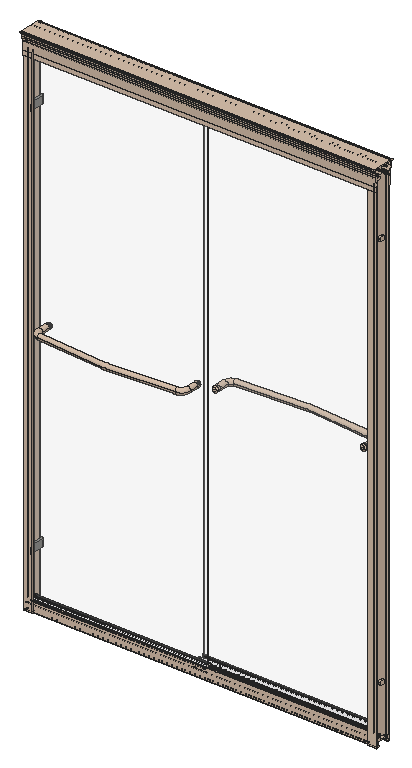
Revit family "Shower-Shower_Door-KOHLER-Fluence-K-702208_1", category Specialty Equipment, host Face, Revit 2021 (continued)
Definition of nested family "K-702208"
  Lines and regions (in)
    Masking region 2
      outline origin (13.1363, 2.44719, 48) x (0, 1, 0) y (0, 0, 1)
        loop
          arc (-1.97656, 20.73362) -> (-1.96917, 20.71938) -> (-1.95418, 20.71367) r 0.02252
          line (-1.95418, 20.71367) -> (-1.80525, 20.71367)
          arc (-1.80525, 20.71367) -> (-1.79026, 20.70747) -> (-1.78405, 20.69248) r 0.02119
          line (-1.78405, 20.69248) -> (-1.78405, 20.6503)
          arc (-1.78405, 20.6503) -> (-1.71774, 20.62759) -> (-1.64876, 20.61515) r 0.46285
          arc (-1.64876, 20.61515) -> (-1.58441, 20.62133) -> (-1.52346, 20.64286) r 0.26583
          arc (-1.52346, 20.64286) -> (-1.50881, 20.65196) -> (-1.50309, 20.66822) r 0.02597
          line (-1.50309, 20.66822) -> (-1.50309, 20.76394)
          arc (-1.50309, 20.76394) -> (-1.47502, 20.76357) -> (-1.46109, 20.7392) r 0.02829
          line (-1.46109, 20.7392) -> (-1.46109, 20.66914)
          arc (-1.46109, 20.66914) -> (-1.46799, 20.63803) -> (-1.48738, 20.61273) r 0.07368
          arc (-1.48738, 20.61273) -> (-1.66515, 20.56456) -> (-1.83501, 20.63578) r 0.28353
          arc (-1.83501, 20.63578) -> (-1.85018, 20.64533) -> (-1.86779, 20.64867) r 0.04811
          line (-1.86779, 20.64867) -> (-1.94477, 20.64867)
          arc (-1.94477, 20.64867) -> (-1.95979, 20.64213) -> (-1.96523, 20.62666) r 0.02051
          arc (-1.96523, 20.62666) -> (-1.93922, 20.15299) -> (-1.93055, 19.67867) r 12.97575
          line (-1.93055, 19.67867) -> (-1.93055, 20.56193) -> (-1.39274, 20.56193) -> (-1.39274, 20.81925) -> (-1.40673, 20.79179) -> (-1.51678, 20.79179) -> (-1.51678, 20.66546) -> (-1.54686, 20.63538) -> (-1.73673, 20.63538) -> (-1.76678, 20.66543) -> (-1.76678, 21.35643) -> (-1.73679, 21.38643) -> (-1.54664, 21.38643) -> (-1.51678, 21.35657) -> (-1.51678, 21.23022) -> (-1.40673, 21.23022) -> (-1.39274, 21.20277) -> (-1.39274, 21.25593)
          arc (-1.39274, 21.25593) -> (-1.35274, 21.29593) -> (-1.31274, 21.25593) r 0.04
          line (-1.31274, 21.25593) -> (-1.31274, 20.56193) -> (-0.4514, 20.56193) -> (-0.4514, 21.25593)
          arc (-0.4514, 21.25593) -> (-0.4114, 21.29593) -> (-0.3714, 21.25593) r 0.04
          line (-0.3714, 21.25593) -> (-0.3714, 21.20277) -> (-0.35741, 21.23022) -> (-0.2464, 21.23022) -> (-0.2464, 21.35753) -> (-0.2175, 21.38643) -> (-0.0264, 21.38643) -> (0.0036, 21.35643) -> (0.0036, 20.66537) -> (-0.02639, 20.63538) -> (-0.21632, 20.63538) -> (-0.2464, 20.66546) -> (-0.2464, 20.79179) -> (-0.35741, 20.79179) -> (-0.3714, 20.81925) -> (-0.3714, 20.56193) -> (0.16641, 20.56193) -> (0.16641, 19.67867)
          arc (0.16641, 19.67867) -> (0.17508, 20.15299) -> (0.20108, 20.62666) r 12.97575
          arc (0.20108, 20.62666) -> (0.19565, 20.64213) -> (0.18062, 20.64867) r 0.02051
          line (0.18062, 20.64867) -> (0.10365, 20.64867)
          arc (0.10365, 20.64867) -> (0.08603, 20.64533) -> (0.07087, 20.63578) r 0.04811
          arc (0.07087, 20.63578) -> (-0.09441, 20.5649) -> (-0.26907, 20.6077) r 0.28353
          arc (-0.26907, 20.6077) -> (-0.29331, 20.63427) -> (-0.30209, 20.66914) r 0.07368
          line (-0.30209, 20.66914) -> (-0.30209, 20.7392)
          arc (-0.30209, 20.7392) -> (-0.28816, 20.76357) -> (-0.26009, 20.76394) r 0.02829
          line (-0.26009, 20.76394) -> (-0.26009, 20.66822)
          arc (-0.26009, 20.66822) -> (-0.25542, 20.65335) -> (-0.24308, 20.64384) r 0.02597
          arc (-0.24308, 20.64384) -> (-0.18105, 20.62409) -> (-0.11658, 20.61503) r 0.38663
          arc (-0.11658, 20.61503) -> (-0.04699, 20.62744) -> (0.01991, 20.6503) r 0.46285
          line (0.01991, 20.6503) -> (0.01991, 20.69248)
          arc (0.01991, 20.69248) -> (0.02611, 20.70747) -> (0.0411, 20.71367) r 0.02119
          line (0.0411, 20.71367) -> (0.19004, 20.71367)
          arc (0.19004, 20.71367) -> (0.20503, 20.71938) -> (0.21241, 20.73362) r 0.02252
          arc (0.21241, 20.73362) -> (0.26778, 21.10371) -> (0.34801, 21.46922) r 5.54
          arc (0.34801, 21.46922) -> (0.43058, 21.69575) -> (0.5564, 21.90143) r 1.211
        loop
          arc (-1.39637, -47.07406) -> (-1.40172, -47.08811) -> (-1.41555, -47.094) r 0.01919
          line (-1.41555, -47.094) -> (-1.4718, -47.094)
          arc (-1.4718, -47.094) -> (-1.48579, -47.0998) -> (-1.49159, -47.1138) r 0.0198
          line (-1.49159, -47.1138) -> (-1.49159, -47.23049) -> (-1.44467, -47.23049)
          arc (-1.44467, -47.23049) -> (-1.46122, -47.2238) -> (-1.46771, -47.20717) r 0.02254
          line (-1.46771, -47.20717) -> (-1.46431, -47.1098) -> (-1.432, -47.1098)
          arc (-1.432, -47.1098) -> (-1.41711, -47.11328) -> (-1.40529, -47.12299) r 0.03363
          arc (-1.40529, -47.12299) -> (-1.38613, -47.14138) -> (-1.36233, -47.15317) r 0.08743
          line (-1.36233, -47.15317) -> (-1.37943, -46.66399) -> (-1.41242, -46.66399) -> (-1.39637, -47.07406)
        loop
          line (-1.52671, -46.36082) -> (-1.6673, -46.34834) -> (-1.68477, -46.37612) -> (-1.52849, -46.39274) -> (-1.52671, -46.36082)
        loop
          line (0.09641, -47.435) -> (0.11641, -47.46964) -> (0.11641, -47.40036) -> (0.09641, -47.435)
    Masking region 3
      outline origin (0, 0.23733, 34.85501) x (-1, 0, 0) y (0, -1, 0)
        loop
          line (30.532, 0.23733) -> (28.17469, 0.23733) -> (28.17469, 0.41203)
          arc (28.17469, 0.41203) -> (27.86815, 1.23135) -> (27.09911, 1.64825) r 1.24821
          arc (27.09911, 1.64825) -> (17.79081, 2.29361) -> (8.48292, 1.64251) r 67.15317
          arc (8.48292, 1.64251) -> (7.72627, 1.23188) -> (7.42472, 0.42552) r 1.22891
          line (7.42472, 0.42552) -> (7.42472, 0.23733) -> (-14.0743, 0.23733) -> (-14.0743, -2.89667) -> (-11.72934, -2.89667) -> (-11.72934, -3.07958)
          arc (-11.72934, -3.07958) -> (-11.41976, -3.90404) -> (-10.64406, -4.321) r 1.25265
          arc (-10.64406, -4.321) -> (-1.35282, -4.94372) -> (7.9382, -4.31776) r 69.44572
          arc (7.9382, -4.31776) -> (8.71157, -3.9018) -> (9.02018, -3.07967) r 1.24935
          line (9.02018, -3.07967) -> (9.02018, -2.89667) -> (30.532, -2.89667) -> (30.532, 0.23733)
        loop
          line (8.27009, -2.89667) -> (-10.98115, -2.89667) -> (-10.98115, -3.08658)
          arc (-10.98115, -3.08658) -> (-10.8661, -3.39424) -> (-10.57741, -3.55091) r 0.46888
          arc (-10.57741, -3.55091) -> (-1.35986, -4.19391) -> (7.85759, -3.5495) r 66.31708
          arc (7.85759, -3.5495) -> (8.15255, -3.38938) -> (8.27009, -3.07502) r 0.47914
          line (8.27009, -3.07502) -> (8.27009, -2.89667)
        loop
          line (8.17469, 0.23733) -> (27.42472, 0.23733) -> (27.42472, 0.4276)
          arc (27.42472, 0.4276) -> (27.30767, 0.74014) -> (27.01411, 0.8989) r 0.47578
          arc (27.01411, 0.8989) -> (17.80488, 1.53407) -> (8.59525, 0.90475) r 67.39005
          arc (8.59525, 0.90475) -> (8.29459, 0.74234) -> (8.17469, 0.42235) r 0.48695
          line (8.17469, 0.42235) -> (8.17469, 0.23733)
    Masking region 4
      outline origin (0, 0, 0) x (1, 0, 0) y (0, 0, 1)
        loop
          line (-6.0661, 1.92526) -> (-6.0661, 67.03867) -> (-30.532, 67.03867) -> (-30.532, 0) -> (-29.32911, 0) -> (-29.32911, 1.92526) -> (-6.0661, 1.92526)
    symbolic lines, detail levels medium+fine
      curve 1: line (20.1048, 0.56672, 0) -> (20.1048, 0.56672, 68.56193)
      curve 2: line (20.1048, 0.5327, 68.56193) -> (20.1048, 0.5327, 0)
      curve 3: line (20.1048, 0.5247, 68.56193) -> (20.1048, 0.5247, 0)
      curve 4: line (20.1048, 0.57472, 68.56193) -> (20.1048, 0.57472, 0)
      curve 5: line (20.1048, 2.48253, 0.71783) -> (20.1048, 1.00253, 0.76951)
      curve 6: line (20.1048, 2.4825, 0.7488) -> (20.1048, 1.14254, 0.79507)
      curve 7: arc (20.1048, 2.56175, 0.64896) -> (20.1048, 2.54518, 0.71718) -> (20.1048, 2.4825, 0.7488) r 0.08372
      curve 8: arc (20.1048, 2.56302, 0.63448) -> (20.1048, 2.53961, 0.69242) -> (20.1048, 2.48253, 0.71783) r 0.0834
      curve 9: line (20.1048, 0.982, 0.86506) -> (20.1048, 1.00716, 0.86506)
      curve 10: arc (20.1048, 1.00716, 0.86506) -> (20.1048, 1.0217, 0.86307) -> (20.1048, 1.03517, 0.85725) r 0.0541
      curve 11: line (20.1048, 1.06777, 1.33601) -> (20.1048, 1.05948, 1.57316)
      curve 12: line (20.1048, 1.03477, 1.33601) -> (20.1048, 1.02666, 1.5433)
      curve 13: line (20.1048, 0.97216, 1.60158) -> (20.1048, 0.9187, 1.60726)
      curve 14: arc (20.1048, 1.02666, 1.5433) -> (20.1048, 1.01026, 1.58259) -> (20.1048, 0.97216, 1.60158) r 0.061
      curve 15: arc (20.1048, 1.14254, 0.79507) -> (20.1048, 1.1043, 0.81047) -> (20.1048, 1.08486, 0.84683) r 0.06038
      curve 16: arc (20.1048, 1.03517, 0.85725) -> (20.1048, 1.05913, 0.84781) -> (20.1048, 1.08486, 0.84683) r 0.07667
      curve 17: line (20.1048, 1.00394, 1.63176) -> (20.1048, 0.92048, 1.63918)
      curve 18: line (20.1048, 0.77989, 1.65166) -> (20.1048, 0.72429, 1.65696)
      curve 19: line (20.1048, 0.76243, 1.62388) -> (20.1048, 0.70715, 1.62969)
      curve 20: arc (20.1048, 1.05948, 1.57316) -> (20.1048, 1.0428, 1.61297) -> (20.1048, 1.00394, 1.63176) r 0.06097
      curve 21: line (20.1048, 0.97031, 1.63475) -> (20.1048, 0.9686, 1.60195)
      curve 22: line (20.1048, 0.97641, 1.63421) -> (20.1048, 0.97641, 1.60097)
      curve 23: line (20.1048, 0.97641, 1.42237) -> (20.1048, 0.97641, 1.54893)
      curve 24: arc (20.1048, 0.98666, 1.41455) -> (20.1048, 0.9796, 1.41593) -> (20.1048, 0.97641, 1.42237) r 0.00811
      curve 25: arc (20.1048, 1.03247, 1.39494) -> (20.1048, 1.04897, 1.39026) -> (20.1048, 1.06596, 1.38782) r 0.12854
      curve 26: line (20.1048, 0.73576, 1.58146) -> (20.1048, 0.69494, 1.5858)
      curve 27: line (20.1048, 0.6746, 1.56751) -> (20.1048, 0.6746, 1.48969)
      curve 28: line (20.1048, 0.6296, 1.50495) -> (20.1048, 0.6296, 1.41568)
      curve 29: arc (20.1048, 0.69494, 1.5858) -> (20.1048, 0.68069, 1.58119) -> (20.1048, 0.6746, 1.56751) r 0.01839
      curve 30: arc (20.1048, 0.59121, 1.44543) -> (20.1048, 0.58974, 1.43659) -> (20.1048, 0.59121, 1.42775) r 0.02721
      curve 31: line (20.1048, 0.95641, 1.38601) -> (20.1048, 0.96597, 1.55698)
      curve 32: line (20.1048, 0.98778, 1.38601) -> (20.1048, 0.95641, 1.38601)
      curve 33: line (20.1048, 0.98115, 1.55537) -> (20.1048, 0.98974, 1.33601)
      curve 34: line (20.1048, 0.91618, 1.56227) -> (20.1048, 0.98115, 1.55537)
      curve 35: arc (20.1048, 0.96597, 1.55698) -> (20.1048, 0.97868, 1.54559) -> (20.1048, 0.98219, 1.52888) r 0.02743
      curve 36: line (20.1048, 1.03282, 1.38601) -> (20.1048, 1.06602, 1.38601)
      curve 37: line (20.1048, 1.06145, 0.78904) -> (20.1048, 1.64435, 0.76868)
      curve 38: arc (20.1048, 1.00382, 0.8065) -> (20.1048, 1.0315, 0.79401) -> (20.1048, 1.06145, 0.78904) r 0.11746
      curve 39: line (20.1048, 1.00382, 0.8065) -> (20.1048, 1.00382, 0.86506)
      curve 40: line (20.1048, 2.6056, 68.56193) -> (20.1048, 2.6056, 0)
      curve 41: line (20.1048, 2.5716, 68.56193) -> (20.1048, 2.5716, 0)
      curve 42: line (20.1048, 2.5636, 0) -> (20.1048, 2.5636, 0.53036)
      curve 43: line (20.1048, 2.6136, 0.14503) -> (20.1048, 2.6136, 1.60672)
      curve 44: line (20.1048, 2.5636, 0.59964) -> (20.1048, 2.5636, 68.56193)
      curve 45: line (20.1048, 2.5496, 68.56193) -> (20.1048, 2.5496, 0.71107)
      curve 46: arc (20.1048, 4.02527, 35.23003) -> (20.1048, 4.40029, 34.85501) -> (20.1048, 4.02527, 34.47999) r 0.37502
      curve 47: line (20.1048, 3.0406, 35.23003) -> (20.1048, 3.0406, 34.47999)
      curve 48: arc (20.1048, -0.89503, 35.23003) -> (20.1048, -1.27006, 34.85501) -> (20.1048, -0.89503, 34.47999) r 0.37502
      curve 49: line (20.1048, 0.08964, 35.23003) -> (20.1048, 0.08964, 34.47999)
      curve 50: arc (20.1048, 2.5476, 0) -> (20.1048, 2.55891, 0.00469) -> (20.1048, 2.5636, 0.016) r 0.016
      curve 51: line (20.1048, 1.68539, 7.67378) -> (20.1048, 1.46281, 7.67378)
      curve 52: arc (20.1048, 1.46281, 7.67378) -> (20.1048, 1.41862, 7.65548) -> (20.1048, 1.40032, 7.61129) r 0.06249
      curve 53: line (20.1048, 1.40032, 7.61129) -> (20.1048, 1.40032, 7.38871)
      curve 54: arc (20.1048, 1.40032, 7.38871) -> (20.1048, 1.41862, 7.34452) -> (20.1048, 1.46281, 7.32622) r 0.06249
      curve 55: line (20.1048, 1.46281, 7.32622) -> (20.1048, 1.68539, 7.32622)
      curve 56: arc (20.1048, 1.68539, 7.32622) -> (20.1048, 1.72958, 7.34452) -> (20.1048, 1.74788, 7.38871) r 0.06249
      curve 57: line (20.1048, 1.74788, 7.38871) -> (20.1048, 1.74788, 7.61129)
      curve 58: arc (20.1048, 1.74788, 7.61129) -> (20.1048, 1.72958, 7.65548) -> (20.1048, 1.68539, 7.67378) r 0.06249
      curve 59: line (20.1048, 1.69285, 7.74375) -> (20.1048, 1.45535, 7.74375)
      curve 60: arc (20.1048, 1.45535, 7.74375) -> (20.1048, 1.36696, 7.70714) -> (20.1048, 1.33035, 7.61875) r 0.125
      curve 61: line (20.1048, 1.33035, 7.61875) -> (20.1048, 1.33035, 7.38125)
      curve 62: arc (20.1048, 1.33035, 7.38125) -> (20.1048, 1.36696, 7.29286) -> (20.1048, 1.45535, 7.25625) r 0.125
      curve 63: line (20.1048, 1.45535, 7.25625) -> (20.1048, 1.69285, 7.25625)
      curve 64: arc (20.1048, 1.69285, 7.25625) -> (20.1048, 1.78124, 7.29286) -> (20.1048, 1.81785, 7.38125) r 0.125
      curve 65: line (20.1048, 1.81785, 7.38125) -> (20.1048, 1.81785, 7.61875)
      curve 66: arc (20.1048, 1.81785, 7.61875) -> (20.1048, 1.78124, 7.70714) -> (20.1048, 1.69285, 7.74375) r 0.125
      curve 67: line (20.1048, 1.69285, 7.73588) -> (20.1048, 1.45535, 7.73588)
      curve 68: arc (20.1048, 1.45535, 7.73588) -> (20.1048, 1.37253, 7.70157) -> (20.1048, 1.33822, 7.61875) r 0.11713
      curve 69: line (20.1048, 1.33822, 7.61875) -> (20.1048, 1.33822, 7.38125)
      curve 70: arc (20.1048, 1.33822, 7.38125) -> (20.1048, 1.37253, 7.29843) -> (20.1048, 1.45535, 7.26412) r 0.11713
      curve 71: line (20.1048, 1.45535, 7.26412) -> (20.1048, 1.69285, 7.26412)
      curve 72: arc (20.1048, 1.69285, 7.26412) -> (20.1048, 1.77567, 7.29843) -> (20.1048, 1.80997, 7.38125) r 0.11713
      curve 73: line (20.1048, 1.80997, 7.38125) -> (20.1048, 1.80997, 7.61875)
      curve 74: arc (20.1048, 1.80997, 7.61875) -> (20.1048, 1.77567, 7.70157) -> (20.1048, 1.69285, 7.73588) r 0.11713
      curve 75: line (20.1048, 2.68115, 7.3125) -> (20.1048, 2.68115, 7.6875)
      curve 76: arc (20.1048, 2.67509, 7.2568) -> (20.1048, 2.67963, 7.28449) -> (20.1048, 2.68115, 7.3125) r 0.25877
      curve 77: arc (20.1048, 2.67509, 7.2568) -> (20.1048, 2.64285, 7.23237) -> (20.1048, 2.6136, 7.26031) r 0.03119
      curve 78: arc (20.1048, 2.68115, 7.6875) -> (20.1048, 2.67967, 7.71473) -> (20.1048, 2.67525, 7.74164) r 0.25128
      curve 79: arc (20.1048, 2.67525, 7.74164) -> (20.1048, 2.64591, 7.7668) -> (20.1048, 2.6136, 7.74558) r 0.03215
      curve 80: line (20.1048, 2.67043, 7.75282) -> (20.1048, 2.67043, 7.87253)
      curve 81: arc (20.1048, 2.67043, 7.87253) -> (20.1048, 2.66962, 7.89711) -> (20.1048, 2.66721, 7.92159) r 0.3763
      curve 82: arc (20.1048, 2.6136, 7.9674) -> (20.1048, 2.64369, 7.94834) -> (20.1048, 2.66721, 7.92159) r 0.12537
      curve 83: line (20.1048, 2.6136, 7.97377) -> (20.1048, 2.6136, 7.0272)
      curve 84: arc (20.1048, 2.66721, 7.92159) -> (20.1048, 2.63573, 7.93184) -> (20.1048, 2.6136, 7.90723) r 0.03036
      curve 85: arc (20.1048, 2.68115, 7.3125) -> (20.1048, 2.67967, 7.28527) -> (20.1048, 2.67525, 7.25836) r 0.25128
      curve 86: arc (20.1048, 2.67525, 7.25836) -> (20.1048, 2.64591, 7.2332) -> (20.1048, 2.6136, 7.25442) r 0.03215
      curve 87: line (20.1048, 2.67043, 7.24718) -> (20.1048, 2.67043, 7.12747)
      curve 88: arc (20.1048, 2.67043, 7.12747) -> (20.1048, 2.66962, 7.10289) -> (20.1048, 2.66721, 7.07841) r 0.3763
      curve 89: arc (20.1048, 2.6136, 7.0326) -> (20.1048, 2.64369, 7.05166) -> (20.1048, 2.66721, 7.07841) r 0.12537
      curve 90: arc (20.1048, 2.66721, 7.07841) -> (20.1048, 2.63573, 7.06816) -> (20.1048, 2.6136, 7.09277) r 0.03036
      curve 91: line (20.1048, 2.68115, 60.87485) -> (20.1048, 2.68115, 61.24985)
      curve 92: arc (20.1048, 2.67509, 60.81915) -> (20.1048, 2.67963, 60.84684) -> (20.1048, 2.68115, 60.87485) r 0.25877
      curve 93: arc (20.1048, 2.67509, 60.81915) -> (20.1048, 2.64285, 60.79473) -> (20.1048, 2.6136, 60.82266) r 0.03119
      curve 94: arc (20.1048, 2.68115, 61.24985) -> (20.1048, 2.67967, 61.27708) -> (20.1048, 2.67525, 61.30399) r 0.25128
      curve 95: arc (20.1048, 2.67525, 61.30399) -> (20.1048, 2.64591, 61.32915) -> (20.1048, 2.6136, 61.30793) r 0.03215
      curve 96: line (20.1048, 2.67043, 61.31517) -> (20.1048, 2.67043, 61.43488)
      curve 97: arc (20.1048, 2.67043, 61.43488) -> (20.1048, 2.66962, 61.45946) -> (20.1048, 2.66721, 61.48395) r 0.3763
      curve 98: arc (20.1048, 2.6136, 61.52975) -> (20.1048, 2.64369, 61.51069) -> (20.1048, 2.66721, 61.48395) r 0.12537
      curve 99: line (20.1048, 2.6136, 61.53372) -> (20.1048, 2.6136, 60.589)
      curve 100: arc (20.1048, 2.66721, 61.48395) -> (20.1048, 2.63573, 61.49419) -> (20.1048, 2.6136, 61.46958) r 0.03036
      curve 101: arc (20.1048, 2.68115, 60.87485) -> (20.1048, 2.67967, 60.84762) -> (20.1048, 2.67525, 60.82071) r 0.25128
      curve 102: arc (20.1048, 2.67525, 60.82071) -> (20.1048, 2.64591, 60.79556) -> (20.1048, 2.6136, 60.81678) r 0.03215
      curve 103: line (20.1048, 2.67043, 60.80954) -> (20.1048, 2.67043, 60.68983)
      curve 104: arc (20.1048, 2.67043, 60.68983) -> (20.1048, 2.66962, 60.66524) -> (20.1048, 2.66721, 60.64076) r 0.3763
      curve 105: arc (20.1048, 2.6136, 60.59496) -> (20.1048, 2.64369, 60.61401) -> (20.1048, 2.66721, 60.64076) r 0.12537
      curve 106: arc (20.1048, 2.66721, 60.64076) -> (20.1048, 2.63573, 60.63051) -> (20.1048, 2.6136, 60.65513) r 0.03036
      curve 107: line (20.1048, 1.68539, 61.23571) -> (20.1048, 1.46281, 61.23571)
      curve 108: arc (20.1048, 1.46281, 61.23571) -> (20.1048, 1.41862, 61.2174) -> (20.1048, 1.40032, 61.17322) r 0.06249
      curve 109: line (20.1048, 1.40032, 61.17322) -> (20.1048, 1.40032, 60.95063)
      curve 110: arc (20.1048, 1.40032, 60.95063) -> (20.1048, 1.41862, 60.90645) -> (20.1048, 1.46281, 60.88815) r 0.06249
      curve 111: line (20.1048, 1.46281, 60.88815) -> (20.1048, 1.68539, 60.88815)
      curve 112: arc (20.1048, 1.68539, 60.88815) -> (20.1048, 1.72958, 60.90645) -> (20.1048, 1.74788, 60.95063) r 0.06249
      curve 113: line (20.1048, 1.74788, 60.95063) -> (20.1048, 1.74788, 61.17322)
      curve 114: arc (20.1048, 1.74788, 61.17322) -> (20.1048, 1.72958, 61.2174) -> (20.1048, 1.68539, 61.23571) r 0.06249
      curve 115: line (20.1048, 1.69285, 61.30568) -> (20.1048, 1.45535, 61.30568)
      curve 116: arc (20.1048, 1.45535, 61.30568) -> (20.1048, 1.36696, 61.26906) -> (20.1048, 1.33035, 61.18068) r 0.125
      curve 117: line (20.1048, 1.33035, 61.18068) -> (20.1048, 1.33035, 60.94318)
      curve 118: arc (20.1048, 1.33035, 60.94318) -> (20.1048, 1.36696, 60.85479) -> (20.1048, 1.45535, 60.81818) r 0.125
      curve 119: line (20.1048, 1.45535, 60.81818) -> (20.1048, 1.69285, 60.81818)
      curve 120: arc (20.1048, 1.69285, 60.81818) -> (20.1048, 1.78124, 60.85479) -> (20.1048, 1.81785, 60.94318) r 0.125
      curve 121: line (20.1048, 1.81785, 60.94318) -> (20.1048, 1.81785, 61.18068)
      curve 122: arc (20.1048, 1.81785, 61.18068) -> (20.1048, 1.78124, 61.26906) -> (20.1048, 1.69285, 61.30568) r 0.125
      curve 123: line (20.1048, 1.69285, 61.2978) -> (20.1048, 1.45535, 61.2978)
      curve 124: arc (20.1048, 1.45535, 61.2978) -> (20.1048, 1.37253, 61.2635) -> (20.1048, 1.33822, 61.18068) r 0.11713
      curve 125: line (20.1048, 1.33822, 61.18068) -> (20.1048, 1.33822, 60.94318)
      curve 126: arc (20.1048, 1.33822, 60.94318) -> (20.1048, 1.37253, 60.86036) -> (20.1048, 1.45535, 60.82605) r 0.11713
      curve 127: line (20.1048, 1.45535, 60.82605) -> (20.1048, 1.69285, 60.82605)
      curve 128: arc (20.1048, 1.69285, 60.82605) -> (20.1048, 1.77567, 60.86036) -> (20.1048, 1.80997, 60.94318) r 0.11713
      curve 129: line (20.1048, 1.80997, 60.94318) -> (20.1048, 1.80997, 61.18068)
      curve 130: arc (20.1048, 1.80997, 61.18068) -> (20.1048, 1.77567, 61.2635) -> (20.1048, 1.69285, 61.2978) r 0.11713
      curve 131: arc (20.1048, 2.65288, 1.52525) -> (20.1048, 2.64228, 1.55963) -> (20.1048, 2.6136, 1.58135) r 0.05862
      curve 132: arc (20.1048, 1.64435, 0.76868) -> (20.1048, 1.66747, 0.77017) -> (20.1048, 1.68984, 0.77617) r 0.11719
      curve 133: line (20.1048, 1.9853, 0.75678) -> (20.1048, 2.46298, 0.7401)
      curve 134: arc (20.1048, 1.94075, 0.76751) -> (20.1048, 1.96248, 0.75989) -> (20.1048, 1.9853, 0.75678) r 0.11452
      curve 135: arc (20.1048, 2.46298, 0.7401) -> (20.1048, 2.48363, 0.74103) -> (20.1048, 2.50386, 0.74526) r 0.12887
      curve 136: line (20.1048, 2.6136, 67.67867) -> (20.1048, 2.6136, 67.03867)
      curve 137: line (20.1048, 2.4208, 68.63538) -> (20.1048, 2.42079, 69.38643)
      curve 138: line (20.1048, 2.20079, 69.23022) -> (20.1048, 2.20079, 68.79179)
      curve 139: line (20.1048, 2.22989, 69.38663) -> (20.1048, 2.23087, 68.63538)
      curve 140: line (20.1048, 2.07579, 69.20277) -> (20.1048, 2.07579, 68.81925)
      curve 141: line (20.1048, 2.08978, 69.23022) -> (20.1048, 2.08978, 68.79179)
      curve 142: line (20.1048, 0.71046, 68.63538) -> (20.1048, 0.71041, 69.38643)
      curve 143: line (20.1048, 0.93041, 69.23022) -> (20.1048, 0.93041, 68.79179)
      curve 144: line (20.1048, 0.90055, 69.38643) -> (20.1048, 0.90033, 68.63538)
      curve 145: line (20.1048, 1.05445, 69.20277) -> (20.1048, 1.05445, 68.81925)
      curve 146: line (20.1048, 1.04046, 69.23022) -> (20.1048, 1.04046, 68.79179)
      curve 147: line (20.1048, 1.13445, 68.56193) -> (20.1048, 1.05445, 68.56193)
      curve 148: line (20.1048, 2.07579, 68.56193) -> (20.1048, 1.99579, 68.56193)
      curve 149: line (20.1048, 0.51664, 67.67867) -> (20.1048, 0.51664, 67.03867)
      curve 150: line (20.1048, 0.51664, 35.23003) -> (20.1048, 0.51668, 34.47999)
      curve 151: line (20.1048, 2.6136, 35.23003) -> (20.1048, 2.6136, 34.47999)
      curve 152: line (-6.0661, 0, 67.03867) -> (14.0743, 0, 67.03867)
      curve 153: line (12.87091, 0, 67.03867) -> (12.87091, 0, 0)
      curve 154: line (12.87091, 0, 1.63095) -> (-29.33887, 0, 1.63095)
      curve 155: line (12.87091, 0, 1.92526) -> (-6.0661, 0, 1.92526)
      curve 156: line (-5.9872, 0, 1.33601) -> (-5.9872, 0, 1.92526)
      curve 157: line (-29.32911, 0, 1.92526) -> (-29.32911, 0, 67.03867)
      curve 158: line (-6.10303, 0, 1.92526) -> (-6.10303, 0, 67.03867)
      curve 159: circle (-8.6452, 0, 34.85501) r 0.37503 normal (0, -1, 0)
      curve 160: circle (11.35497, 0, 34.85501) r 0.37506 normal (0, -1, 0)
      curve 161: line (-7.7997, 0, 35.23003) -> (-27.79988, 0, 35.23003)
      curve 162: line (-27.7997, 0, 34.47999) -> (-7.79633, 0, 34.47999)
      curve 163: arc (-7.79633, 0, 34.47999) -> (-7.42468, 0, 34.85669) -> (-7.7997, 0, 35.23003) r 0.37503
      curve 164: arc (-27.79988, 0, 35.23003) -> (-28.1749, 0, 34.85493) -> (-27.7997, 0, 34.47999) r 0.37502
      curve 165: line (-5.98869, 3.134, 34.85501) -> (-8.27009, 3.134, 34.85501)
      curve 166: line (-8.17469, 0, 34.85501) -> (-7.42472, 0, 34.85501)
      curve 167: line (10.98115, 3.134, 34.85501) -> (11.72934, 3.134, 34.85501)
      curve 168: line (-28.17469, 0, 34.85501) -> (-27.42472, 0, 34.85501)
      curve 169: line (-30.532, 3.08477, 34.85501) -> (14.0743, 3.08477, 34.85501)
      curve 170: line (14.0743, 0.04923, 34.85501) -> (-30.532, 0.04923, 34.85501)
      curve 171: line (-5.9872, 0, 1.33601) -> (-29.32911, 0, 1.33601)
  Dimensions and locks (in)
    locked: plane 5 to plane 3 "Center (Left/Right)" at 30.532
    locked: Extrusion 12 sketch curve to plane 8 at 0.06252
    "Width": plane 4 to plane 5
    locked: Extrusion 19 sketch curve to plane 4 at 0.99017
    locked: plane 10 to plane 4 at 0.4825
    plane 12 to level = 70.02944"
    plane 17 to plane 11 = 65.40772"
    locked: plane 21 "WALK THRU PLANE" to plane 5 at 24.4659
    "Walk Thru": plane 22 "WTP1" to plane 21 "WALK THRU PLANE"
    locked: plane 8 to plane 4 at 0.907
    locked: plane 18 "MH1" to plane 4 at 2.71933
    locked: plane 20 "MHC" to plane 18 "MH1" at 10.00009
    locked: plane 19 "MH2" to plane 20 "MHC" at 10.00009
    plane 23 "FH2" to plane 25 to plane 24 "FH1" = 10" locked, 10" locked
    plane 4 to plane 22 "WTP1" = 1.20339"
    locked: Masking region 3 sketch curve to plane 20 "MHC" at 10.37507
    plane 7 to plane 26 = 7.23733"
    locked: plane 27 to Extrusion 12 sketch curve at 0.06185
    locked: plane 19 "MH2" to plane 28 at 1.25017
    locked: plane 27 to plane 19 "MH2" at 1.8125
    plane 16 to level = 34.47999"
    plane 15 to plane 16 = 0.75004"
    aligned and locked: plane 2 to level
    aligned and locked: plane 4 to Extrusion 4
    aligned and locked: Extrusion 10 to plane 8
    aligned and locked: plane 4 to Extrusion 1
    aligned and locked: plane 4 to Extrusion 14
    aligned and locked: plane 4 to Extrusion 2
    aligned and locked: Extrusion 15 to plane 5
    aligned and locked: Extrusion 21 to plane 10
    aligned and locked: Extrusion 22 to plane 10
    aligned and locked: plane 4 to Extrusion 26
    aligned and locked: Extrusion 26 to plane 5
    aligned and locked: Revolve 28 sketch curve to plane 18 "MH1"
    aligned and locked: Extrusion 2 to plane 22 "WTP1"
    aligned and locked: plane 4 to Masking region 3 sketch curve
    aligned and locked: Extrusion 10 to plane 27
  Automatic sketch dimensions
    Extrusion 1 sketch curve to level = 0"  (x2)
    Extrusion 1 sketch curve to level = 0.05241"
    Extrusion 1 sketch curve to plane 1 "Center (Front/Back)" = 0.5891"
    level to Extrusion 1 sketch curve = 0.01987"
    Extrusion 1 sketch curve to Extrusion 1 sketch curve = 0.0419"
    Extrusion 1 sketch curve to Extrusion 1 sketch curve = 0.06566"
    Extrusion 1 sketch curve to Extrusion 1 sketch curve = 0.01104"
    Extrusion 1 sketch curve to Extrusion 1 sketch curve = 0.045"  (x2)
    Extrusion 1 sketch curve to Extrusion 1 sketch curve = 0.01427"
    Extrusion 1 sketch curve to Extrusion 1 sketch curve = 0.04235"
    plane 11 to Extrusion 1 sketch curve = 0.00008"
    Extrusion 1 sketch curve to Extrusion 1 sketch curve = 0.00627"
    level to Extrusion 1 sketch curve = 0.016"
    Extrusion 1 sketch curve to Extrusion 1 sketch curve = 0.04649"  (x2)
    Extrusion 1 sketch curve to Extrusion 1 sketch curve = 0.02382"
    Extrusion 1 sketch curve to Extrusion 1 sketch curve = 0.01088"
    Extrusion 1 sketch curve to plane 11 = 0.04595"
    Extrusion 1 sketch curve to Extrusion 1 sketch curve = 0.01354"
    Extrusion 1 sketch curve to Extrusion 1 sketch curve = 0.15351"
    Extrusion 1 sketch curve to Extrusion 1 sketch curve = 0.00457"
    Extrusion 1 sketch curve to Extrusion 1 sketch curve = 0.0068"
    Extrusion 1 sketch curve to Extrusion 1 sketch curve = 0.03381"
    Extrusion 1 sketch curve to Extrusion 1 sketch curve = 0.00139"
    Extrusion 1 sketch curve to Extrusion 1 sketch curve = 0.0459"
    Extrusion 1 sketch curve to plane 6 = 0.65452"
    Extrusion 1 sketch curve to Extrusion 1 sketch curve = 0.05523"
    Extrusion 1 sketch curve to plane 11 = 0.09866"
    Extrusion 1 sketch curve to Extrusion 1 sketch curve = 0.25673"
    Extrusion 1 sketch curve to plane 11 = 0.07325"
    Extrusion 1 sketch curve to Extrusion 1 sketch curve = 0.0027"
    Extrusion 1 sketch curve to Extrusion 1 sketch curve = 0.05555"
    Extrusion 1 sketch curve to Extrusion 1 sketch curve = 0.01033"
    Extrusion 1 sketch curve to Extrusion 1 sketch curve = 0.01299"
    Extrusion 1 sketch curve to plane 11 = 0.02948"
    Extrusion 1 sketch curve to Extrusion 1 sketch curve = 0.01396"
    Extrusion 1 sketch curve to Extrusion 1 sketch curve = 0.01884"
    Extrusion 1 sketch curve to Extrusion 1 sketch curve = 0.00676"
    Extrusion 1 sketch curve to Extrusion 1 sketch curve = 0.02053"
    Extrusion 1 sketch curve to Extrusion 1 sketch curve = 0.00062"
    Extrusion 1 sketch curve to Extrusion 1 sketch curve = 0.00012"
    Extrusion 1 sketch curve to Extrusion 1 sketch curve = 0.00281"
    Extrusion 1 sketch curve to plane 11 = 25/256"
    Extrusion 1 sketch curve to Extrusion 1 sketch curve = 0.02563"
    Extrusion 1 sketch curve to plane 11 = 0.08665"
    Extrusion 1 sketch curve to Extrusion 1 sketch curve = 0.0446"
    Extrusion 1 sketch curve to Extrusion 1 sketch curve = 0.02768"
    Extrusion 1 sketch curve to Extrusion 1 sketch curve = 0.01933"
    plane 6 to Extrusion 1 sketch curve = 0.72591"
    Extrusion 1 sketch curve to Extrusion 1 sketch curve = 0.0009"
    Extrusion 1 sketch curve to Extrusion 1 sketch curve = 0.04312"
    Extrusion 1 sketch curve to Extrusion 1 sketch curve = 0.00138"
    Extrusion 1 sketch curve to Extrusion 1 sketch curve = 0.13784"
    Extrusion 1 sketch curve to Extrusion 1 sketch curve = 0.00042"
    Extrusion 1 sketch curve to Extrusion 1 sketch curve = 0.00655"
    Extrusion 1 sketch curve to Extrusion 1 sketch curve = 0.00291"
    Extrusion 1 sketch curve to Extrusion 1 sketch curve = 0.0198"
    Extrusion 1 sketch curve to Extrusion 1 sketch curve = 0.02488"
    Extrusion 1 sketch curve to Extrusion 1 sketch curve = 0.02034"
    Extrusion 1 sketch curve to Extrusion 1 sketch curve = 0.0225"  (x2)
    Extrusion 1 sketch curve to Extrusion 1 sketch curve = 0.02"  (x2)
    Extrusion 1 sketch curve to level = 0.11819"
    Extrusion 1 sketch curve to Extrusion 1 sketch curve = 0.07928"
    Extrusion 1 sketch curve to Extrusion 1 sketch curve = 0.04638"
    Extrusion 1 sketch curve to Extrusion 1 sketch curve = 0.06893"
    Extrusion 1 sketch curve to level = 0.03962"
    level to Extrusion 1 sketch curve = 0.01498"
    level to Extrusion 1 sketch curve = 0.02241"
    Extrusion 1 sketch curve to Extrusion 1 sketch curve = 0.04899"
    Extrusion 1 sketch curve to Extrusion 1 sketch curve = 0.01499"
    Extrusion 1 sketch curve to Extrusion 1 sketch curve = 0.09467"
    Extrusion 1 sketch curve to Extrusion 1 sketch curve = 0.42595"
    Extrusion 1 sketch curve to Extrusion 1 sketch curve = 0.00357"
    Extrusion 1 sketch curve to Extrusion 1 sketch curve = 0.03464"  (x2)
    Extrusion 1 sketch curve to Extrusion 1 sketch curve = 0.0309"
    Extrusion 1 sketch curve to Extrusion 1 sketch curve = 0.03496"
    Extrusion 1 sketch curve to Extrusion 1 sketch curve = 0.02056"
    Extrusion 1 sketch curve to Extrusion 1 sketch curve = 0.01731"
    Extrusion 1 sketch curve to Extrusion 1 sketch curve = 0.02589"
    Extrusion 1 sketch curve to Extrusion 1 sketch curve = 0.58451"
    Extrusion 1 sketch curve to Extrusion 1 sketch curve = 0.02114"
    Extrusion 1 sketch curve to Extrusion 1 sketch curve = 0.09455"
    Extrusion 1 sketch curve to Extrusion 1 sketch curve = 0.00645"
    Extrusion 1 sketch curve to Extrusion 1 sketch curve = 0.01935"
    Extrusion 1 sketch curve to Extrusion 1 sketch curve = 0.0698"
    Extrusion 1 sketch curve to Extrusion 1 sketch curve = 0.001"
    Extrusion 1 sketch curve to Extrusion 1 sketch curve = 0.01124"
    Extrusion 1 sketch curve to Extrusion 1 sketch curve = 0"  (x5)
    Extrusion 1 sketch curve to Extrusion 1 sketch curve = 0.0849"
    Extrusion 1 sketch curve to Extrusion 1 sketch curve = 0.00072"
    plane 11 to Extrusion 2 sketch curve = 0.038"
    Extrusion 2 sketch curve to plane 1 "Center (Front/Back)" = 0.58649"
    Extrusion 2 sketch curve to plane 11 = 0.05866"
    Extrusion 2 sketch curve to Extrusion 2 sketch curve = 0.41479"
    plane 11 to Extrusion 2 sketch curve = 0.0007"
    Extrusion 2 sketch curve to Extrusion 2 sketch curve = 0.00527"
    Extrusion 2 sketch curve to plane 11 = 0.05658"
    Extrusion 2 sketch curve to plane 6 = 0.48042"
    Extrusion 2 sketch curve to Extrusion 2 sketch curve = 0.05628"
    Extrusion 2 sketch curve to Extrusion 2 sketch curve = 0.00201"
    plane 9 to Extrusion 2 sketch curve = 0.5813"
    Extrusion 2 sketch curve to Extrusion 2 sketch curve = 0.72096"
    Extrusion 2 sketch curve to Extrusion 2 sketch curve = 0.00204"
    level to Extrusion 2 sketch curve = 0.74642"
    Extrusion 2 sketch curve to level = 0.19685"
    Extrusion 3 sketch curve to plane 5 = 0"  (x2)
    plane 5 to Extrusion 3 sketch curve = 0.41613"
    plane 5 to Extrusion 3 sketch curve = 0.46097"
    plane 5 to Extrusion 3 sketch curve = 0.46214"
    Extrusion 3 sketch curve to Extrusion 3 sketch curve = 0.02103"  (x2)
    Extrusion 3 sketch curve to Extrusion 3 sketch curve = 0.02786"  (x2)
    plane 5 to Extrusion 3 sketch curve = 0.50787"
    plane 5 to Extrusion 3 sketch curve = 0.51877"
    Extrusion 3 sketch curve to Extrusion 3 sketch curve = 0.05"
    Extrusion 3 sketch curve to Extrusion 3 sketch curve = 0.02094"
    Extrusion 3 sketch curve to Extrusion 3 sketch curve = 0.62561"
    plane 7 to Extrusion 3 sketch curve = 10.95005"
    Extrusion 3 sketch curve to Extrusion 3 sketch curve = 1.71819"
    Extrusion 3 sketch curve to Extrusion 3 sketch curve = 3.79"
    Extrusion 3 sketch curve to plane 1 "Center (Front/Back)" = 0.52591"
    Extrusion 3 sketch curve to plane 1 "Center (Front/Back)" = 0.54324"
    Extrusion 3 sketch curve to Extrusion 3 sketch curve = 0.04958"
    Extrusion 3 sketch curve to Extrusion 3 sketch curve = 0.02083"
    plane 9 to Extrusion 3 sketch curve = 0.58886"
    Extrusion 3 sketch curve to Extrusion 3 sketch curve = 0"  (x2)
    Extrusion 4 sketch curve to plane 1 "Center (Front/Back)" = 0"
    Extrusion 4 sketch curve to plane 17 = 0"  (x2)
    Extrusion 4 sketch curve to plane 9 = 0"
    plane 1 "Center (Front/Back)" to Extrusion 4 sketch curve = 0.34894"
    plane 13 to Extrusion 4 sketch curve = 0.21268"  (x2)
    Extrusion 4 sketch curve to Extrusion 4 sketch curve = 0.33968"  (x2)
    Extrusion 4 sketch curve to Extrusion 4 sketch curve = 0.01329"  (x2)
    Extrusion 4 sketch curve to Extrusion 4 sketch curve = 0.14738"  (x2)
    Extrusion 4 sketch curve to plane 13 = 0.24782"  (x2)
    Extrusion 4 sketch curve to plane 7 = 0.52159"
    plane 7 to Extrusion 4 sketch curve = 0.573"
    Extrusion 4 sketch curve to plane 13 = 0.91156"  (x2)
    Extrusion 4 sketch curve to Extrusion 4 sketch curve = 2.40131"  (x2)
    plane 17 to Extrusion 4 sketch curve = 0.64"  (x4)
    Extrusion 4 sketch curve to Extrusion 4 sketch curve = 4.37284"  (x2)
    Extrusion 4 sketch curve to plane 12 = 1 245/256"  (x2)
    Extrusion 4 sketch curve to Extrusion 4 sketch curve = 0.97437"  (x2)
    Extrusion 4 sketch curve to Extrusion 4 sketch curve = 3.05332"  (x2)
    Extrusion 4 sketch curve to plane 1 "Center (Front/Back)" = 0.03519"
    Extrusion 4 sketch curve to Extrusion 4 sketch curve = 0.00993"  (x2)
    Extrusion 4 sketch curve to Extrusion 4 sketch curve = 0.09663"
    plane 12 to Extrusion 4 sketch curve = 0.03235"
    Extrusion 4 sketch curve to Extrusion 4 sketch curve = 0.05224"  (x2)
    Extrusion 4 sketch curve to plane 1 "Center (Front/Back)" = 0.454"
    Extrusion 4 sketch curve to plane 13 = 0.29733"
    Extrusion 4 sketch curve to plane 1 "Center (Front/Back)" = 0.49537"
    Extrusion 4 sketch curve to Extrusion 4 sketch curve = 0.00942"  (x2)
    Extrusion 4 sketch curve to Extrusion 4 sketch curve = 0.065"  (x2)
    Extrusion 4 sketch curve to Extrusion 4 sketch curve = 0.07698"  (x2)
    Extrusion 4 sketch curve to Extrusion 4 sketch curve = 0.06255"
    Extrusion 4 sketch curve to Extrusion 4 sketch curve = 0.02119"  (x2)
    plane 13 to Extrusion 4 sketch curve = 0.10893"  (x2)
    Extrusion 4 sketch curve to Extrusion 4 sketch curve = 0.10922"
    Extrusion 4 sketch curve to Extrusion 4 sketch curve = 0.1368"  (x2)
    Extrusion 4 sketch curve to Extrusion 4 sketch curve = 0"  (x22)
    Extrusion 4 sketch curve to Extrusion 4 sketch curve = 0.14983"  (x2)
    Extrusion 4 sketch curve to Extrusion 4 sketch curve = 0.11152"
    Extrusion 4 sketch curve to Extrusion 4 sketch curve = 0.00571"  (x2)
    Extrusion 4 sketch curve to Extrusion 4 sketch curve = 0.02597"  (x2)
    Extrusion 4 sketch curve to Extrusion 4 sketch curve = 0.01371"  (x2)
    Extrusion 4 sketch curve to Extrusion 4 sketch curve = 0.02829"  (x2)
    Extrusion 4 sketch curve to Extrusion 4 sketch curve = 0.09715"  (x2)
    Extrusion 4 sketch curve to Extrusion 4 sketch curve = 0.06313"
    Extrusion 4 sketch curve to Extrusion 4 sketch curve = 0.02304"
    plane 12 to Extrusion 4 sketch curve = 0.10235"
    Extrusion 4 sketch curve to Extrusion 4 sketch curve = 0.03584"
    Extrusion 4 sketch curve to Extrusion 4 sketch curve = 0.05"  (x2)
    plane 6 to Extrusion 4 sketch curve = 0.41801"
    plane 12 to Extrusion 4 sketch curve = 0.34377"
    Extrusion 4 sketch curve to Extrusion 4 sketch curve = 0.01519"
    Extrusion 4 sketch curve to Extrusion 4 sketch curve = 0.04252"
    Extrusion 4 sketch curve to Extrusion 4 sketch curve = 0.08378"
    plane 6 to Extrusion 4 sketch curve = 0.57998"
    Extrusion 4 sketch curve to Extrusion 4 sketch curve = 0.1432"
    Extrusion 4 sketch curve to Extrusion 4 sketch curve = 0.08374"
    plane 9 to Extrusion 4 sketch curve = 0.519"
    plane 9 to Extrusion 4 sketch curve = 0.194"
    Extrusion 4 sketch curve to Extrusion 4 sketch curve = 0.04512"
    Extrusion 4 sketch curve to plane 9 = 0.34894"
    Extrusion 4 sketch curve to plane 13 = 0.49909"  (x2)
    Extrusion 4 sketch curve to Extrusion 4 sketch curve = 0.28153"
    Extrusion 4 sketch curve to Extrusion 4 sketch curve = 0.09191"
    Extrusion 4 sketch curve to Extrusion 4 sketch curve = 0.0276"  (x2)
    Extrusion 4 sketch curve to Extrusion 4 sketch curve = 0.04811"  (x2)
    Extrusion 4 sketch curve to Extrusion 4 sketch curve = 0.04218"  (x2)
    Extrusion 4 sketch curve to Extrusion 4 sketch curve = 0.00162"
    Extrusion 4 sketch curve to Extrusion 4 sketch curve = 0.01792"  (x2)
    Extrusion 4 sketch curve to Extrusion 4 sketch curve = 0.00093"  (x2)
    Extrusion 4 sketch curve to Extrusion 4 sketch curve = 0.02252"  (x2)
    Extrusion 4 sketch curve to Extrusion 4 sketch curve = 0.07005"  (x2)
    Extrusion 4 sketch curve to Extrusion 4 sketch curve = 0.07354"  (x2)
    Extrusion 4 sketch curve to Extrusion 4 sketch curve = 0.00022"  (x2)
    Extrusion 4 sketch curve to Extrusion 4 sketch curve = 0.05388"  (x2)
    Extrusion 4 sketch curve to Extrusion 4 sketch curve = 0.16913"  (x2)
    Extrusion 4 sketch curve to Extrusion 4 sketch curve = 0.08023"  (x2)
    Extrusion 4 sketch curve to Extrusion 4 sketch curve = 0.26103"
    Extrusion 4 sketch curve to Extrusion 4 sketch curve = 0.13557"
    Extrusion 4 sketch curve to Extrusion 4 sketch curve = 0.26332"  (x2)
    Extrusion 4 sketch curve to Extrusion 4 sketch curve = 0.06527"  (x2)
    Extrusion 4 sketch curve to Extrusion 4 sketch curve = 0.05973"
    Extrusion 4 sketch curve to Extrusion 4 sketch curve = 0.01057"
    Extrusion 4 sketch curve to Extrusion 4 sketch curve = 0.01257"
    Extrusion 4 sketch curve to Extrusion 4 sketch curve = 0.086"
    Extrusion 4 sketch curve to Extrusion 4 sketch curve = 0.016"  (x2)
    plane 12 to Extrusion 4 sketch curve = 0.06039"  (x2)
    Extrusion 4 sketch curve to Extrusion 4 sketch curve = 0.02453"  (x2)
    plane 12 to Extrusion 4 sketch curve = 0.02885"  (x2)
    Extrusion 4 sketch curve to plane 12 = 0.3375"  (x2)
    plane 13 to Extrusion 4 sketch curve = 0.18189"  (x2)
    Extrusion 4 sketch curve to Extrusion 4 sketch curve = 0.00254"
    plane 6 to Extrusion 5 sketch curve = 0.24067"
    Extrusion 5 sketch curve to Extrusion 5 sketch curve = 0.02171"
    Extrusion 5 sketch curve to Extrusion 5 sketch curve = 0.0005"
    Extrusion 5 sketch curve to Extrusion 5 sketch curve = 0.03279"  (x2)
    Extrusion 5 sketch curve to Extrusion 5 sketch curve = 0.04"  (x2)
    Extrusion 5 sketch curve to Extrusion 5 sketch curve = 0.0325"
    Extrusion 5 sketch curve to Extrusion 5 sketch curve = 0.045"
    Extrusion 5 sketch curve to Extrusion 5 sketch curve = 0.04491"
    Extrusion 5 sketch curve to Extrusion 5 sketch curve = 1/16"  (x2)
    Extrusion 5 sketch curve to Extrusion 5 sketch curve = 0.07936"
    Extrusion 5 sketch curve to Extrusion 5 sketch curve = 0.05573"
    Extrusion 5 sketch curve to Extrusion 5 sketch curve = 0.029"
    Extrusion 5 sketch curve to Extrusion 5 sketch curve = 0.056"
    Extrusion 5 sketch curve to Extrusion 5 sketch curve = 0.00102"
    Extrusion 5 sketch curve to Extrusion 5 sketch curve = 0.111"
    plane 17 to Extrusion 5 sketch curve = 0.1959"
    plane 17 to Extrusion 5 sketch curve = 0.19638"
    Extrusion 5 sketch curve to Extrusion 5 sketch curve = 0.01155"
    Extrusion 5 sketch curve to Extrusion 5 sketch curve = 0.01107"
    Extrusion 5 sketch curve to plane 13 = 0.73707"
    Extrusion 5 sketch curve to Extrusion 5 sketch curve = 0"  (x2)
    Extrusion 5 sketch curve to Extrusion 5 sketch curve = 0.00009"
    Extrusion 5 sketch curve to Extrusion 5 sketch curve = 0.11211"
    plane 13 to Extrusion 5 sketch curve = 0.24493"
    Extrusion 6 sketch curve to plane 6 = 0.70067"
    Extrusion 6 sketch curve to Extrusion 6 sketch curve = 0.02119"
    Extrusion 6 sketch curve to Extrusion 6 sketch curve = 0.00102"
    Extrusion 6 sketch curve to Extrusion 6 sketch curve = 0.03279"  (x2)
    Extrusion 6 sketch curve to Extrusion 6 sketch curve = 0.056"
    Extrusion 6 sketch curve to Extrusion 6 sketch curve = 0.0165"
    Extrusion 6 sketch curve to Extrusion 6 sketch curve = 0.029"
    plane 13 to Extrusion 6 sketch curve = 0.24493"
    Extrusion 6 sketch curve to plane 6 = 0.51067"
    Extrusion 6 sketch curve to Extrusion 6 sketch curve = 0.05573"
    Extrusion 6 sketch curve to Extrusion 6 sketch curve = 0.04"  (x2)
    Extrusion 6 sketch curve to Extrusion 6 sketch curve = 0.07936"
    Extrusion 6 sketch curve to Extrusion 6 sketch curve = 0.04491"
    Extrusion 6 sketch curve to Extrusion 6 sketch curve = 1/16"
    Extrusion 6 sketch curve to Extrusion 6 sketch curve = 0.045"
    Extrusion 6 sketch curve to Extrusion 6 sketch curve = 0.0005"
    Extrusion 6 sketch curve to Extrusion 6 sketch curve = 0.02171"
    Extrusion 6 sketch curve to plane 13 = 0.53496"
    Extrusion 6 sketch curve to Extrusion 6 sketch curve = 0"
    Extrusion 6 sketch curve to Extrusion 6 sketch curve = 0.11211"
    Extrusion 6 sketch curve to Extrusion 6 sketch curve = 0.00527"
    Extrusion 6 sketch curve to Extrusion 6 sketch curve = 0.00009"
    plane 17 to Extrusion 6 sketch curve = 0.20745"  (x2)
    Extrusion 6 sketch curve to Extrusion 6 sketch curve = 0.01107"
    Extrusion 6 sketch curve to Extrusion 6 sketch curve = 0.01155"
    Revolve 7 sketch curve to plane 13 = 0"  (x2)
    Revolve 7 sketch curve to plane 1 "Center (Front/Back)" = 0.68181"
    Revolve 7 sketch curve to Revolve 7 sketch curve = 0.03009"
    Revolve 7 sketch curve to Revolve 7 sketch curve = 0.18985"
    Revolve 7 sketch curve to Revolve 7 sketch curve = 0.03006"  (x2)
    Revolve 7 sketch curve to Revolve 7 sketch curve = 0.11005"
    Revolve 7 sketch curve to Revolve 7 sketch curve = 0.02401"  (x2)
    plane 13 to Revolve 7 sketch curve = 0.19521"
    Revolve 7 sketch curve to Revolve 7 sketch curve = 0.12631"
    Revolve 7 sketch curve to Revolve 7 sketch curve = 0.12635"
    Revolve 7 sketch curve to Revolve 7 sketch curve = 0.08587"
    Revolve 7 sketch curve to Revolve 7 sketch curve = 0.02016"
    Revolve 8 sketch curve to plane 13 = 0"  (x2)
    plane 6 to Revolve 8 sketch curve = 0.50065"
    Revolve 8 sketch curve to Revolve 8 sketch curve = 0.02401"  (x2)
    Revolve 8 sketch curve to Revolve 8 sketch curve = 0.11005"
    Revolve 8 sketch curve to Revolve 8 sketch curve = 0.03006"  (x2)
    Revolve 8 sketch curve to Revolve 8 sketch curve = 0.18985"
    Revolve 8 sketch curve to Revolve 8 sketch curve = 0.03009"
    plane 13 to Revolve 8 sketch curve = 0.19521"
    Revolve 8 sketch curve to Revolve 8 sketch curve = 0.12631"
    Revolve 8 sketch curve to Revolve 8 sketch curve = 0.12635"
    Revolve 8 sketch curve to Revolve 8 sketch curve = 0.02016"
    Revolve 8 sketch curve to Revolve 8 sketch curve = 0.08587"
    Extrusion 9 sketch curve to plane 6 = 0.35871"
    plane 5 to Extrusion 9 sketch curve = 1.00597"
    Extrusion 9 sketch curve to Extrusion 9 sketch curve = 0"
    Extrusion 9 sketch curve to plane 21 "WALK THRU PLANE" = 0.03693"  (x2)
    Extrusion 9 sketch curve to Extrusion 9 sketch curve = 0.23"
    Extrusion 9 sketch curve to Extrusion 9 sketch curve = 0.03653"
    Extrusion 9 sketch curve to Extrusion 9 sketch curve = 0.11267"
    Extrusion 9 sketch curve to Extrusion 9 sketch curve = 0.07886"
    Extrusion 9 sketch curve to Extrusion 9 sketch curve = 0.07949"
    Extrusion 9 sketch curve to Extrusion 9 sketch curve = 0.00517"
    Extrusion 9 sketch curve to plane 21 "WALK THRU PLANE" = 0.11176"
    Extrusion 9 sketch curve to Extrusion 9 sketch curve = 0.11052"
    Extrusion 9 sketch curve to Extrusion 9 sketch curve = 0.03982"
    Extrusion 10 sketch curve to plane 6 = 0.02317"
    Extrusion 10 sketch curve to plane 6 = 0.002"
    plane 6 to Extrusion 10 sketch curve = 0.01916"
    plane 6 to Extrusion 10 sketch curve = 0.25903"
    Extrusion 10 sketch curve to Extrusion 10 sketch curve = 0.27101"
    Extrusion 10 sketch curve to Extrusion 10 sketch curve = 0.03244"
    Extrusion 10 sketch curve to Extrusion 10 sketch curve = 0.01099"
    Extrusion 10 sketch curve to Extrusion 10 sketch curve = 0.00583"
    plane 11 to Extrusion 10 sketch curve = 0.21724"
    Extrusion 10 sketch curve to Extrusion 10 sketch curve = 0.01296"
    Extrusion 10 sketch curve to Extrusion 10 sketch curve = 0.05066"
    Extrusion 10 sketch curve to Extrusion 10 sketch curve = 0.00642"
    Extrusion 10 sketch curve to plane 11 = 0.06163"  (x2)
    Extrusion 10 sketch curve to Extrusion 10 sketch curve = 0.00909"
    Extrusion 10 sketch curve to Extrusion 10 sketch curve = 0.00167"
    Extrusion 10 sketch curve to plane 11 = 0.02169"  (x2)
    Extrusion 10 sketch curve to Extrusion 10 sketch curve = 0.00056"
    plane 11 to Extrusion 10 sketch curve = 0.0482"  (x2)
    Extrusion 10 sketch curve to Extrusion 10 sketch curve = 1/256"  (x4)
    Extrusion 10 sketch curve to Extrusion 10 sketch curve = 0.00104"
    plane 11 to Extrusion 10 sketch curve = 0.08814"  (x2)
    Extrusion 10 sketch curve to Extrusion 10 sketch curve = 0.0012"
    Extrusion 10 sketch curve to Extrusion 10 sketch curve = 0.01318"
    plane 11 to Extrusion 10 sketch curve = 0.15803"  (x2)
    Extrusion 10 sketch curve to Extrusion 10 sketch curve = 0.00101"
    plane 11 to Extrusion 10 sketch curve = 0.19797"  (x2)
    Extrusion 10 sketch curve to Extrusion 10 sketch curve = 0.00123"
    plane 11 to Extrusion 10 sketch curve = 0.23301"
    Extrusion 10 sketch curve to Extrusion 10 sketch curve = 0.00196"
    plane 11 to Extrusion 10 sketch curve = 0.23427"
    Extrusion 10 sketch curve to Extrusion 10 sketch curve = 0.21649"
    Extrusion 10 sketch curve to Extrusion 10 sketch curve = 0.00203"
    Extrusion 10 sketch curve to Extrusion 10 sketch curve = 0.00082"
    Extrusion 10 sketch curve to Extrusion 10 sketch curve = 0.00141"
    Extrusion 10 sketch curve to Extrusion 10 sketch curve = 0.22883"
    Extrusion 10 sketch curve to Extrusion 10 sketch curve = 0.00111"
    Extrusion 10 sketch curve to Extrusion 10 sketch curve = 0.00112"
    Extrusion 10 sketch curve to Extrusion 10 sketch curve = 0.00134"
    Extrusion 10 sketch curve to Extrusion 10 sketch curve = 0.00089"
    Extrusion 10 sketch curve to Extrusion 10 sketch curve = 0.01369"
    Extrusion 10 sketch curve to plane 11 = 0.22457"
    Extrusion 10 sketch curve to Extrusion 10 sketch curve = 0.00558"
    plane 11 to Extrusion 10 sketch curve = 0.20738"
    Extrusion 10 sketch curve to Extrusion 10 sketch curve = 0.04955"
    Extrusion 10 sketch curve to Extrusion 10 sketch curve = 0.00619"
    Extrusion 10 sketch curve to Extrusion 10 sketch curve = 0.01551"
    Extrusion 10 sketch curve to plane 11 = 0.23545"
    Extrusion 10 sketch curve to Extrusion 10 sketch curve = 0.05069"
    plane 11 to Extrusion 10 sketch curve = 0.21652"
    Extrusion 10 sketch curve to Extrusion 10 sketch curve = 0.01315"
    plane 11 to Extrusion 10 sketch curve = 0.26829"
    Extrusion 10 sketch curve to Extrusion 10 sketch curve = 0.04899"
    Extrusion 10 sketch curve to plane 11 = 0.20935"
    Extrusion 10 sketch curve to Extrusion 10 sketch curve = 0.27157"
    Extrusion 10 sketch curve to Extrusion 10 sketch curve = 0.02117"  (x2)
    Extrusion 10 sketch curve to plane 11 = 0.18275"
    Extrusion 10 sketch curve to Extrusion 10 sketch curve = 0.17615"
    Extrusion 10 sketch curve to Extrusion 10 sketch curve = 0.01402"
    Extrusion 10 sketch curve to Extrusion 10 sketch curve = 0.00717"
    Extrusion 10 sketch curve to Extrusion 10 sketch curve = 0.01247"
    Extrusion 10 sketch curve to plane 11 = 0.20839"
    Extrusion 10 sketch curve to Extrusion 10 sketch curve = 0.0133"
    Extrusion 10 sketch curve to Extrusion 10 sketch curve = 0.00072"
    Extrusion 10 sketch curve to Extrusion 10 sketch curve = 0.01829"
    Extrusion 11 sketch curve to plane 11 = 0.18178"
    Extrusion 11 sketch curve to plane 1 "Center (Front/Back)" = 0.59509"
    Extrusion 11 sketch curve to Extrusion 11 sketch curve = 0.02117"  (x2)
    Extrusion 11 sketch curve to plane 11 = 0.20839"
    plane 11 to Extrusion 11 sketch curve = 0.26722"
    Extrusion 11 sketch curve to Extrusion 11 sketch curve = 0.2822"
    Extrusion 11 sketch curve to plane 11 = 0.23459"
    Extrusion 11 sketch curve to Extrusion 11 sketch curve = 0.27101"
    plane 11 to Extrusion 11 sketch curve = 0.22488"
    Extrusion 11 sketch curve to Extrusion 11 sketch curve = 0.03244"
    Extrusion 11 sketch curve to Extrusion 11 sketch curve = 0.01099"
    Extrusion 11 sketch curve to Extrusion 11 sketch curve = 0.00583"
    plane 11 to Extrusion 11 sketch curve = 0.21724"
    Extrusion 11 sketch curve to Extrusion 11 sketch curve = 0.01296"
    Extrusion 11 sketch curve to plane 11 = 0.22422"
    Extrusion 11 sketch curve to Extrusion 11 sketch curve = 0.05066"
    Extrusion 11 sketch curve to Extrusion 11 sketch curve = 0.00642"
    Extrusion 11 sketch curve to plane 11 = 0.06163"  (x2)
    Extrusion 11 sketch curve to Extrusion 11 sketch curve = 0.00909"
    Extrusion 11 sketch curve to Extrusion 11 sketch curve = 0.00167"
    Extrusion 11 sketch curve to plane 11 = 0.02169"  (x2)
    Extrusion 11 sketch curve to Extrusion 11 sketch curve = 0.00056"
    plane 11 to Extrusion 11 sketch curve = 0.0482"  (x2)
    Extrusion 11 sketch curve to Extrusion 11 sketch curve = 1/256"  (x4)
    Extrusion 11 sketch curve to Extrusion 11 sketch curve = 0.00104"
    plane 11 to Extrusion 11 sketch curve = 0.08814"  (x2)
    Extrusion 11 sketch curve to Extrusion 11 sketch curve = 0.0012"
    Extrusion 11 sketch curve to Extrusion 11 sketch curve = 0.01318"
    plane 11 to Extrusion 11 sketch curve = 0.15803"  (x2)
    Extrusion 11 sketch curve to Extrusion 11 sketch curve = 0.00101"
    plane 11 to Extrusion 11 sketch curve = 0.19797"
    Extrusion 11 sketch curve to Extrusion 11 sketch curve = 0.00123"
    plane 11 to Extrusion 11 sketch curve = 0.23301"
    Extrusion 11 sketch curve to Extrusion 11 sketch curve = 0.00196"
    Extrusion 11 sketch curve to Extrusion 11 sketch curve = 0.21649"
    Extrusion 11 sketch curve to Extrusion 11 sketch curve = 0.00203"
    Extrusion 11 sketch curve to Extrusion 11 sketch curve = 0.00082"
    Extrusion 11 sketch curve to Extrusion 11 sketch curve = 0.00141"
    Extrusion 11 sketch curve to Extrusion 11 sketch curve = 0.22883"
    Extrusion 11 sketch curve to Extrusion 11 sketch curve = 0.00111"
    Extrusion 11 sketch curve to Extrusion 11 sketch curve = 0.00112"
    Extrusion 11 sketch curve to Extrusion 11 sketch curve = 0.00134"
    Extrusion 11 sketch curve to Extrusion 11 sketch curve = 0.00089"
    Extrusion 11 sketch curve to Extrusion 11 sketch curve = 0.01369"
    Extrusion 11 sketch curve to plane 11 = 0.22457"
    Extrusion 11 sketch curve to Extrusion 11 sketch curve = 0.00558"
    Extrusion 11 sketch curve to Extrusion 11 sketch curve = 0.04955"
    Extrusion 11 sketch curve to Extrusion 11 sketch curve = 0.00619"
    Extrusion 11 sketch curve to Extrusion 11 sketch curve = 0.01551"
    Extrusion 11 sketch curve to plane 11 = 0.23545"
    Extrusion 11 sketch curve to Extrusion 11 sketch curve = 0.05069"
    plane 11 to Extrusion 11 sketch curve = 0.21652"
    Extrusion 11 sketch curve to Extrusion 11 sketch curve = 0.01315"
    Extrusion 11 sketch curve to Extrusion 11 sketch curve = 0.04899"
    Extrusion 11 sketch curve to plane 6 = 0.01747"
    plane 6 to Extrusion 11 sketch curve = 0.00369"
    plane 6 to Extrusion 11 sketch curve = 0.02486"
    Extrusion 11 sketch curve to Extrusion 11 sketch curve = 0.01356"
    Extrusion 11 sketch curve to Extrusion 11 sketch curve = 0.00717"
    Extrusion 11 sketch curve to plane 11 = 0.20935"
    Extrusion 11 sketch curve to Extrusion 11 sketch curve = 0.0133"
    Extrusion 11 sketch curve to Extrusion 11 sketch curve = 0.01995"
    Extrusion 11 sketch curve to Extrusion 11 sketch curve = 0.00913"
    Extrusion 11 sketch curve to Extrusion 11 sketch curve = 0.0363"
    Extrusion 11 sketch curve to Extrusion 11 sketch curve = 0.02925"
    Extrusion 12 sketch curve to Extrusion 12 sketch curve = 0"
    plane 8 to Extrusion 12 sketch curve = 0.09945"  (x2)
    plane 6 to Extrusion 12 sketch curve = 0.35967"
    Extrusion 12 sketch curve to Extrusion 12 sketch curve = 0.23"
    Extrusion 12 sketch curve to Extrusion 12 sketch curve = 0.03653"
    Extrusion 12 sketch curve to Extrusion 12 sketch curve = 0.11267"
    Extrusion 12 sketch curve to Extrusion 12 sketch curve = 0.07886"
    Extrusion 12 sketch curve to Extrusion 12 sketch curve = 0.07949"
    Extrusion 12 sketch curve to Extrusion 12 sketch curve = 0.00517"
    plane 22 "WTP1" to Extrusion 12 sketch curve = 0.12211"
    Extrusion 12 sketch curve to Extrusion 12 sketch curve = 0.04439"
    Sweep 13 sketch curve to plane 18 "MH1" = 0"
    Sweep 13 sketch curve to plane 19 "MH2" = 0"
    plane 20 "MHC" to Sweep 13 sketch curve = 0.00009"
    plane 7 to Sweep 13 sketch curve = 61.15061"
    Sweep 13 sketch curve to plane 9 = 0.18264"
    Sweep 13 sketch curve to plane 9 = 0.18266"
    Sweep 13 sketch curve to plane 18 "MH1" = 0.86614"
    Sweep 13 sketch curve to Sweep 13 sketch curve = 0.86614"
    plane 6 to Sweep 13 sketch curve = 0.62198"
    plane 6 to Sweep 13 sketch curve = 0.62218"
    Sweep 13 sketch curve to Sweep 13 sketch curve = 0"
    profile plane to Sweep 13 sketch curve = 0"
    profile plane to Sweep 13 sketch curve = 7.281"
    Extrusion 14 sketch curve to plane 10 = 0"
    Extrusion 14 sketch curve to plane 4 = 0"
    Extrusion 14 sketch curve to plane 10 = 0.008"
    Extrusion 14 sketch curve to plane 10 = 0.02587"
    Extrusion 14 sketch curve to plane 10 = 0.03677"
    Extrusion 14 sketch curve to Extrusion 14 sketch curve = 0.042"
    Extrusion 14 sketch curve to Extrusion 14 sketch curve = 0.02094"
    plane 22 "WTP1" to Extrusion 14 sketch curve = 0.0244"
    plane 10 to Extrusion 14 sketch curve = 0.01986"
    Extrusion 14 sketch curve to Extrusion 14 sketch curve = 0.02103"  (x2)
    plane 10 to Extrusion 14 sketch curve = 0.06587"
    Extrusion 14 sketch curve to plane 4 = 0.0005"
    plane 7 to Extrusion 14 sketch curve = 10.956"
    Extrusion 14 sketch curve to Extrusion 14 sketch curve = 1.71819"
